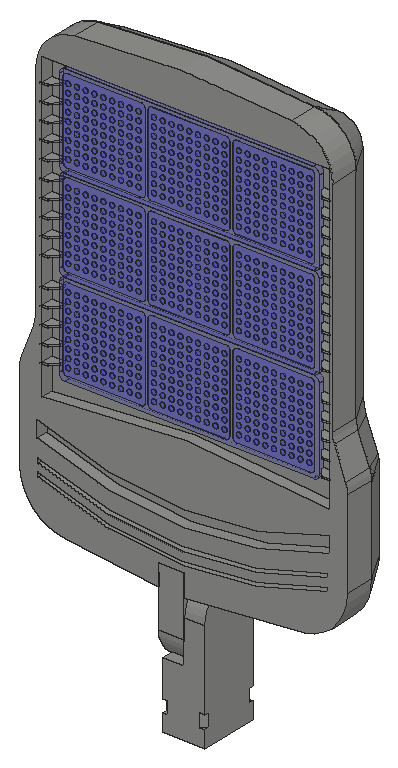
Revit family "VP-4-K", category Lighting Fixtures, host Face, Revit 2019
Family settings
  Host = Face
  Round Connector Dimension = Use Diameter
  Part Type = Normal
  OmniClass Number = 23.80.70.11.14.17
  OmniClass Title = Direct/Indirect
  Cut with Voids When Loaded = No
  Light Source = No
  Shared = Yes
  Room Calculation Point = No
Parameters (values of type "VP-4-K")
  Wattage Comments = "600W"
  Warranty = "Five year warranty"  # constant formula
  Voltage = 120 V
  URL = "https://www.currentlighting.com/beacon"
  Type Comments = "Lighting Fixture"  # constant formula
  Product Page URL = "https://www.currentlighting.com/outdoor-lighting/viper-area-size-4/9606406"
  Product Documentation Link = "https://cdn.currentlighting.com/site/specsheet/BEA_VIPERSPEC.pdf"
  Power Factor = 0.9
  Name = "Viper Area Size 4"  # constant formula
  Model = "VP-4-K"
  Matt Grey = MATT GREY
  Matt Black = Matt Black
  Manufacturer = "Current Lighting"  # constant formula
  Load Classification = Lighting
  Light Output = 87468.00 cd/m²
  Lamp = "LED"  # constant formula
  Grey = Grey
  Glass = Glass
  Features = "Featuring two different optical technologies, Micro Strike and Strike Optics, which provide the best distribution patterns for retrofit or new construction\r\nVibration rated for high vibration applications including bridges and overpasses\r\nControl options including photo control, occupancy sensing, NX Lighting Controls, wiSCAPE and 7-Pin with networked controls\r\nMounting options include: Arm, Universal Arm, Adjustable Arm, Mast Arm, Decorative Arm, Knuckle, Trunnion, Wall\r\nDistribution options include: Auto Front Row, Type 2, Type 3, Type 4 Forward, Type 4 Wide, Type 5 Narrow, Type 5 Medium, Type 5 Wide, Type 5 Rectangular, Corner Optic, and Tennis Court\r\n\r\n"  # constant formula
  Copyright = "© 2022 Current Lighting"  # constant formula
  Cool Grey = Cool Grey
  Contact Us = "https://www.currentlighting.com/contact-us"
  Certification = "UL"  # constant formula
  Description = "The Viper is an extremely versatile area/site luminaire which blends design, performance, and technology for a variety of applications."  # constant formula
  Default Elevation = 48.00"
  Finish = Arctic White
  Matt White = Matt White
  CRI = "70"  # constant formula
  Brand = "Beacon"  # constant formula
  Assembly Code = "D5020200"
  Apparent Load = 600 VA
Reference planes (in)
  plane 1 "Center (Front/Back)": y = 6.16697
  plane 2: z = 0
  plane 3 "Center (Left/Right)": x = 0
  plane 4: z = 3.75
  plane 5: z = -4.44
  plane 6: x = -1.75
  plane 7: x = 1.75
  plane 8: y = 4.41697
  plane 9: y = 7.91697
  plane 10: z = 120
Lines and regions (in)
  reference lines
    curve 1: line (0, 14.42606, -3.25) -> (0, 17.42606, -0.25)
    curve 2: line (0, -2.09213, -3.25) -> (0, 14.42606, -3.25)
    curve 3: line (0, -5.09213, -0.25) -> (0, -2.09213, -3.25)
    curve 4: line (0, 14.42606, -3.25) -> (0, 17.42606, -0.25)
    curve 5: line (0, -5.09213, -0.25) -> (0, 17.42606, -0.25)
    curve 6: line (0, 17.17606, -0.77432) -> (0, 17.92606, -0.77432)
    curve 7: line (0, 17.17606, -1.52432) -> (0, 17.17606, -0.77432)
    curve 8: line (0, 16.69614, -1.52432) -> (0, 17.17606, -1.52432)
    curve 9: line (0, 14.92606, -4.25) -> (0, 16.69614, -1.52432)
    curve 10: line (0, -4.3622, -1.52432) -> (0, -2.59213, -4.25)
    curve 11: line (0, -4.84213, -1.52432) -> (0, -4.3622, -1.52432)
    curve 12: line (0, -4.84213, -0.77432) -> (0, -4.84213, -1.52432)
    curve 13: line (0, -5.59213, -0.77432) -> (0, -4.84213, -0.77432)
Dimensions and locks (in)
  plane 4 to plane 2 = 3.75"
  plane 8 to plane 9 = 3.50"
  equal spacing: plane 8, plane 1 "Center (Front/Back)", plane 9
  equal spacing: plane 6, plane 3 "Center (Left/Right)", plane 7
  plane 6 to plane 7 = 3.50"
  plane 10 to plane 2 = 120.00"
  aligned and locked: plane 2 to host face
  aligned and locked: level to host face
  aligned and locked: plane 3 "Center (Left/Right)" to nested 1
  aligned and locked: plane 1 "Center (Front/Back)" to nested 1
Automatic sketch dimensions
  host sketch curve to host sketch curve = 96.00"
  host sketch curve to host sketch curve = 85.00"
  curve 3 to level = 0.25"
  plane 8 to curve 3 = 9.50909"
  curve 3 to curve 12 = 0.25"
  curve 11 to curve 11 = 0.47992"
  curve 2 to plane 5 = 1.19"
  curve 10 to curve 2 = 2.27008"
  curve 1 to plane 9 = 6.50909"
  curve 9 to level = 1.52432"
  curve 1 to curve 9 = 2.27008"
  curve 8 to curve 8 = 0.47992"
  curve 6 to curve 4 = 0.25"
  curve 10 to curve 3 = 1.27432"
  curve 7 to curve 1 = 0.52432"
  curve 12 to curve 3 = 0.52432"
  curve 13 to curve 3 = 0.50"
  curve 10 to plane 5 = 0.19"
  curve 10 to curve 2 = 0.50"
  curve 9 to plane 5 = 0.19"
  curve 1 to curve 9 = 0.50"
  curve 1 to curve 6 = 0.50"
Nested families (in)
  nested 1: "SIZE4-K" at (0, 6.16697, 0), type "SIZE4-K"
Connectors (in)
  electrical at (8.05953, 4.7895, 17.66953)
    settings: on nested 1, index 1, voltage 0 V, apparent load 0 VA, apparent load phase1 0 VA, apparent load phase2 0 VA, apparent load phase3 0 VA, power factor 1, load classification "Other", number of poles 1, system type 30, power factor state 1, is connector primary yes, connector utility no, sub classification motor no, connector description ""
Definition of nested family "SIZE4-K"
  Parameters (values of type "SIZE4-K")
    Width = 19.62"
    Wattage = 519.1 W
    built-in parameter 1150110 = 1 (stored number, unit not read)
    built-in parameter 1114217 = 1 (stored number, unit not read)
    Tilt Angle = 160.00°
    built-in parameter 1150109 = 1 (stored number, unit not read)
    built-in parameter 1150134 = 3
    built-in parameter 1150113 = 1 (stored number, unit not read)
    Photometric Web File = "VP-4-720L-515-5K7-4W-BC.ies"
    Mount Length = 7.50"
    built-in parameter 1150105 = 3180.8 (stored number, unit not read)
    Lumens = 39970.7 lm
    built-in parameter 1150115 = 1 (stored number, unit not read)
    built-in parameter 1150137 = (empty or 0)
    built-in parameter 1150139 = (empty or 0)
    Length = 27.98"
    built-in parameter 1150112 = 1 (stored number, unit not read)
    built-in parameter 1150114 = 1 (stored number, unit not read)
    built-in parameter 1150132 = (empty or 0)
    built-in parameter 1150102 = (empty or 0)
    built-in parameter 1150107 = 3200 (stored number, unit not read)
    built-in parameter 1150138 = (empty or 0)
    built-in parameter 1150106 = 31.808 (stored number, unit not read)
    Glass = none
    Fixture = none
    built-in parameter 1150104 = 7.1535 (stored number, unit not read)
    Dimming Lamp Color Temperature Shift = (empty or 0)
    Default Elevation = 48.00"
    Color Filter = 16777215
    built-in parameter 1114218 = 1 (stored number, unit not read)
    built-in parameter 1150133 = 10 (stored number, unit not read)
  Reference planes (in)
    plane 1 "Center (Front/Back)": y = 0
    plane 2: z = 0
    plane 3 "Center (Left/Right)": x = 0
    plane 4: x = 9.81
    plane 5: x = -9.81
    plane 6: z = 7.5
    plane 7: z = 35.48
    plane 8: y = -1.74
    plane 9: y = 1.74
  Forms (in)
    Extrusion 1, solid
      sketch origin (0, 0, 0) x (1, 0, 0) y (0, 1, 0)
        loop
          line (-48, 48) -> (-48, -48) -> (48, -48) -> (48, 48) -> (-48, 48)
      from 0 to -12
    Extrusion 2, void
      sketch origin (0, 0, 0) x (1, 0, 0) y (0, 0, 1)
        loop
          arc (-8.40608, 15.16005) -> (0.0771, 15.81374) -> (8.56, 15.15635) r 55.21553
          line (8.56, 15.15635) -> (8.56, 33.16182) -> (-8.40608, 33.16182) -> (-8.40608, 15.16005)
      from 1 to 1.75
    Extrusion 3, solid, material <- "Glass"
      sketch origin (0, 0, -0.5) x (1, 0, 0) y (0, 0, 1)
        loop
          arc (-7.30987, 33.16182) -> (-7.55736, 33.05931) -> (-7.65987, 32.81182) r 0.35
          line (-7.65987, 32.81182) -> (-7.65987, 28.01182)
          arc (-7.65987, 28.01182) -> (-7.55736, 27.76434) -> (-7.30987, 27.66182) r 0.35
          line (-7.30987, 27.66182) -> (7.30987, 27.66182)
          arc (7.30987, 27.66182) -> (7.55736, 27.76434) -> (7.65987, 28.01182) r 0.35
          line (7.65987, 28.01182) -> (7.65987, 32.81182)
          arc (7.65987, 32.81182) -> (7.55736, 33.05931) -> (7.30987, 33.16182) r 0.35
          line (7.30987, 33.16182) -> (-7.30987, 33.16182)
      from 1 to 1.35
    Extrusion 4, solid, material <- "Glass"
      sketch origin (0.375, 0, -0.375) x (1, 0, 0) y (0, 0, 1)
        loop
          circle (-7.47829, 32.33694) r 0.15
        loop
          circle (-6.95955, 32.33694) r 0.15
        loop
          circle (-6.4408, 32.33694) r 0.15
        loop
          circle (-5.92205, 32.33694) r 0.15
        loop
          circle (-5.4033, 32.33694) r 0.15
        loop
          circle (-4.88455, 32.33694) r 0.15
        loop
          circle (-4.3658, 32.33694) r 0.15
        loop
          circle (-3.84705, 32.33694) r 0.15
        loop
          circle (-3.32831, 32.33694) r 0.15
        loop
          circle (-7.47829, 31.83694) r 0.15
        loop
          circle (-6.95955, 31.83694) r 0.15
        loop
          circle (-6.4408, 31.83694) r 0.15
        loop
          circle (-5.92205, 31.83694) r 0.15
        loop
          circle (-5.4033, 31.83694) r 0.15
        loop
          circle (-4.88455, 31.83694) r 0.15
        loop
          circle (-4.3658, 31.83694) r 0.15
        loop
          circle (-3.84705, 31.83694) r 0.15
        loop
          circle (-3.32831, 31.83694) r 0.15
        loop
          circle (-7.47829, 31.33694) r 0.15
        loop
          circle (-6.95955, 31.33694) r 0.15
        loop
          circle (-6.4408, 31.33694) r 0.15
        loop
          circle (-5.92205, 31.33694) r 0.15
        loop
          circle (-5.4033, 31.33694) r 0.15
        loop
          circle (-4.88455, 31.33694) r 0.15
        loop
          circle (-4.3658, 31.33694) r 0.15
        loop
          circle (-3.84705, 31.33694) r 0.15
        loop
          circle (-3.32831, 31.33694) r 0.15
        loop
          circle (-7.47829, 30.83694) r 0.15
        loop
          circle (-6.95955, 30.83694) r 0.15
        loop
          circle (-6.4408, 30.83694) r 0.15
        loop
          circle (-5.92205, 30.83694) r 0.15
        loop
          circle (-5.4033, 30.83694) r 0.15
        loop
          circle (-4.88455, 30.83694) r 0.15
        loop
          circle (-4.3658, 30.83694) r 0.15
        loop
          circle (-3.84705, 30.83694) r 0.15
        loop
          circle (-3.32831, 30.83694) r 0.15
        loop
          circle (-7.47829, 30.33694) r 0.15
        loop
          circle (-6.95955, 30.33694) r 0.15
        loop
          circle (-6.4408, 30.33694) r 0.15
        loop
          circle (-5.92205, 30.33694) r 0.15
        loop
          circle (-5.4033, 30.33694) r 0.15
        loop
          circle (-4.88455, 30.33694) r 0.15
        loop
          circle (-4.3658, 30.33694) r 0.15
        loop
          circle (-3.84705, 30.33694) r 0.15
        loop
          circle (-3.32831, 30.33694) r 0.15
        loop
          circle (-7.47829, 29.83694) r 0.15
        loop
          circle (-6.95955, 29.83694) r 0.15
        loop
          circle (-6.4408, 29.83694) r 0.15
        loop
          circle (-5.92205, 29.83694) r 0.15
        loop
          circle (-5.4033, 29.83694) r 0.15
        loop
          circle (-4.88455, 29.83694) r 0.15
        loop
          circle (-4.3658, 29.83694) r 0.15
        loop
          circle (-3.84705, 29.83694) r 0.15
        loop
          circle (-3.32831, 29.83694) r 0.15
        loop
          circle (-7.47829, 29.33694) r 0.15
        loop
          circle (-6.95955, 29.33694) r 0.15
        loop
          circle (-6.4408, 29.33694) r 0.15
        loop
          circle (-5.92205, 29.33694) r 0.15
        loop
          circle (-5.4033, 29.33694) r 0.15
        loop
          circle (-4.88455, 29.33694) r 0.15
        loop
          circle (-4.3658, 29.33694) r 0.15
        loop
          circle (-3.84705, 29.33694) r 0.15
        loop
          circle (-3.32831, 29.33694) r 0.15
        loop
          circle (-7.47829, 28.83694) r 0.15
        loop
          circle (-6.95955, 28.83694) r 0.15
        loop
          circle (-6.4408, 28.83694) r 0.15
        loop
          circle (-5.92205, 28.83694) r 0.15
        loop
          circle (-5.4033, 28.83694) r 0.15
        loop
          circle (-4.88455, 28.83694) r 0.15
        loop
          circle (-4.3658, 28.83694) r 0.15
        loop
          circle (-3.84705, 28.83694) r 0.15
        loop
          circle (-3.32831, 28.83694) r 0.15
        loop
          circle (-7.47829, 28.33694) r 0.15
        loop
          circle (-6.95955, 28.33694) r 0.15
        loop
          circle (-6.4408, 28.33694) r 0.15
        loop
          circle (-5.92205, 28.33694) r 0.15
        loop
          circle (-5.4033, 28.33694) r 0.15
        loop
          circle (-4.88455, 28.33694) r 0.15
        loop
          circle (-4.3658, 28.33694) r 0.15
        loop
          circle (-3.84705, 28.33694) r 0.15
        loop
          circle (-3.32831, 28.33694) r 0.15
      from 1.35 to 1.4
    Extrusion 5, solid, material <- "Glass"
      sketch origin (0, 0, -0.375) x (1, 0, 0) y (0, 0, 1)
        loop
          arc (-7.16655, 32.8409) -> (-7.34333, 32.76768) -> (-7.41655, 32.5909) r 0.25
          line (-7.41655, 32.5909) -> (-7.41655, 28.0909)
          arc (-7.41655, 28.0909) -> (-7.34333, 27.91412) -> (-7.16655, 27.8409) r 0.25
          line (-7.16655, 27.8409) -> (-2.81123, 27.8409)
          arc (-2.81123, 27.8409) -> (-2.63446, 27.91412) -> (-2.56123, 28.0909) r 0.25
          line (-2.56123, 28.0909) -> (-2.56123, 32.5909)
          arc (-2.56123, 32.5909) -> (-2.63446, 32.76768) -> (-2.81123, 32.8409) r 0.25
          line (-2.81123, 32.8409) -> (-7.16655, 32.8409)
      from 1.35 to 1.37213
    Extrusion 6, solid, material <- "Fixture"
      sketch origin (0, 0, 12.875) x (1, 0, 0) y (0, 1, 0)
        loop
          line (7.68693, -1) -> (7.68693, -1.20146)
          arc (7.68693, -1.20146) -> (7.69367, -1.23973) -> (7.71311, -1.27339) r 0.1119
          line (7.71311, -1.27339) -> (8.07367, -1.70309)
          arc (8.07367, -1.70309) -> (8.10164, -1.72455) -> (8.13607, -1.73219) r 0.08147
          line (8.13607, -1.73219) -> (8.56, -1.73219) -> (8.56, -1) -> (7.68693, -1)
      from 18.55 to 18.65
    Extrusion 7, solid, material <- "Glass"
      sketch origin (-0.375, 0, -0.375) x (-1, 0, 0) y (0, 0, -1)
        loop
          circle (-7.47829, -32.33694) r 0.15
        loop
          circle (-6.95955, -32.33694) r 0.15
        loop
          circle (-6.4408, -32.33694) r 0.15
        loop
          circle (-5.92205, -32.33694) r 0.15
        loop
          circle (-5.4033, -32.33694) r 0.15
        loop
          circle (-4.88455, -32.33694) r 0.15
        loop
          circle (-4.3658, -32.33694) r 0.15
        loop
          circle (-3.84705, -32.33694) r 0.15
        loop
          circle (-3.32831, -32.33694) r 0.15
        loop
          circle (-7.47829, -31.83694) r 0.15
        loop
          circle (-6.95955, -31.83694) r 0.15
        loop
          circle (-6.4408, -31.83694) r 0.15
        loop
          circle (-5.92205, -31.83694) r 0.15
        loop
          circle (-5.4033, -31.83694) r 0.15
        loop
          circle (-4.88455, -31.83694) r 0.15
        loop
          circle (-4.3658, -31.83694) r 0.15
        loop
          circle (-3.84705, -31.83694) r 0.15
        loop
          circle (-3.32831, -31.83694) r 0.15
        loop
          circle (-7.47829, -31.33694) r 0.15
        loop
          circle (-6.95955, -31.33694) r 0.15
        loop
          circle (-6.4408, -31.33694) r 0.15
        loop
          circle (-5.92205, -31.33694) r 0.15
        loop
          circle (-5.4033, -31.33694) r 0.15
        loop
          circle (-4.88455, -31.33694) r 0.15
        loop
          circle (-4.3658, -31.33694) r 0.15
        loop
          circle (-3.84705, -31.33694) r 0.15
        loop
          circle (-3.32831, -31.33694) r 0.15
        loop
          circle (-7.47829, -30.83694) r 0.15
        loop
          circle (-6.95955, -30.83694) r 0.15
        loop
          circle (-6.4408, -30.83694) r 0.15
        loop
          circle (-5.92205, -30.83694) r 0.15
        loop
          circle (-5.4033, -30.83694) r 0.15
        loop
          circle (-4.88455, -30.83694) r 0.15
        loop
          circle (-4.3658, -30.83694) r 0.15
        loop
          circle (-3.84705, -30.83694) r 0.15
        loop
          circle (-3.32831, -30.83694) r 0.15
        loop
          circle (-7.47829, -30.33694) r 0.15
        loop
          circle (-6.95955, -30.33694) r 0.15
        loop
          circle (-6.4408, -30.33694) r 0.15
        loop
          circle (-5.92205, -30.33694) r 0.15
        loop
          circle (-5.4033, -30.33694) r 0.15
        loop
          circle (-4.88455, -30.33694) r 0.15
        loop
          circle (-4.3658, -30.33694) r 0.15
        loop
          circle (-3.84705, -30.33694) r 0.15
        loop
          circle (-3.32831, -30.33694) r 0.15
        loop
          circle (-7.47829, -29.83694) r 0.15
        loop
          circle (-6.95955, -29.83694) r 0.15
        loop
          circle (-6.4408, -29.83694) r 0.15
        loop
          circle (-5.92205, -29.83694) r 0.15
        loop
          circle (-5.4033, -29.83694) r 0.15
        loop
          circle (-4.88455, -29.83694) r 0.15
        loop
          circle (-4.3658, -29.83694) r 0.15
        loop
          circle (-3.84705, -29.83694) r 0.15
        loop
          circle (-3.32831, -29.83694) r 0.15
        loop
          circle (-7.47829, -29.33694) r 0.15
        loop
          circle (-6.95955, -29.33694) r 0.15
        loop
          circle (-6.4408, -29.33694) r 0.15
        loop
          circle (-5.92205, -29.33694) r 0.15
        loop
          circle (-5.4033, -29.33694) r 0.15
        loop
          circle (-4.88455, -29.33694) r 0.15
        loop
          circle (-4.3658, -29.33694) r 0.15
        loop
          circle (-3.84705, -29.33694) r 0.15
        loop
          circle (-3.32831, -29.33694) r 0.15
        loop
          circle (-7.47829, -28.83694) r 0.15
        loop
          circle (-6.95955, -28.83694) r 0.15
        loop
          circle (-6.4408, -28.83694) r 0.15
        loop
          circle (-5.92205, -28.83694) r 0.15
        loop
          circle (-5.4033, -28.83694) r 0.15
        loop
          circle (-4.88455, -28.83694) r 0.15
        loop
          circle (-4.3658, -28.83694) r 0.15
        loop
          circle (-3.84705, -28.83694) r 0.15
        loop
          circle (-3.32831, -28.83694) r 0.15
        loop
          circle (-7.47829, -28.33694) r 0.15
        loop
          circle (-6.95955, -28.33694) r 0.15
        loop
          circle (-6.4408, -28.33694) r 0.15
        loop
          circle (-5.92205, -28.33694) r 0.15
        loop
          circle (-5.4033, -28.33694) r 0.15
        loop
          circle (-4.88455, -28.33694) r 0.15
        loop
          circle (-4.3658, -28.33694) r 0.15
        loop
          circle (-3.84705, -28.33694) r 0.15
        loop
          circle (-3.32831, -28.33694) r 0.15
      from 1.35 to 1.4
    Extrusion 8, solid, material <- "Glass"
      sketch origin (0, 0, -0.375) x (-1, 0, 0) y (0, 0, -1)
        loop
          line (-7.16655, -32.8409) -> (-2.84181, -32.8409)
          arc (-2.84181, -32.8409) -> (-2.66504, -32.76768) -> (-2.59181, -32.5909) r 0.25
          line (-2.59181, -32.5909) -> (-2.59181, -28.0909)
          arc (-2.59181, -28.0909) -> (-2.66504, -27.91412) -> (-2.84181, -27.8409) r 0.25
          line (-2.84181, -27.8409) -> (-7.16655, -27.8409)
          arc (-7.16655, -27.8409) -> (-7.34333, -27.91412) -> (-7.41655, -28.0909) r 0.25
          line (-7.41655, -28.0909) -> (-7.41655, -32.5909)
          arc (-7.41655, -32.5909) -> (-7.34333, -32.76768) -> (-7.16655, -32.8409) r 0.25
      from 1.35 to 1.37213
    Extrusion 9, solid, material <- "Glass"
      sketch origin (0, 0, -5.75) x (1, 0, 0) y (0, 0, 1)
        loop
          arc (-7.30987, 32.91182) -> (-7.55736, 32.80931) -> (-7.65987, 32.56182) r 0.35
          line (-7.65987, 32.56182) -> (-7.65987, 27.76182)
          arc (-7.65987, 27.76182) -> (-7.55736, 27.51434) -> (-7.30987, 27.41182) r 0.35
          line (-7.30987, 27.41182) -> (7.30987, 27.41182)
          arc (7.30987, 27.41182) -> (7.55736, 27.51434) -> (7.65987, 27.76182) r 0.35
          line (7.65987, 27.76182) -> (7.65987, 32.56182)
          arc (7.65987, 32.56182) -> (7.55736, 32.80931) -> (7.30987, 32.91182) r 0.35
          line (7.30987, 32.91182) -> (-7.30987, 32.91182)
      from 1 to 1.35
    Extrusion 10, solid, material <- "Glass"
      sketch origin (0, 0, 47.30365) x (1, 0, 0) y (0, 0, 1)
        loop
          line (-7.30987, -31.14182) -> (7.30987, -31.14182)
          arc (7.30987, -31.14182) -> (7.55736, -31.03931) -> (7.65987, -30.79182) r 0.35
          line (7.65987, -30.79182) -> (7.65987, -25.99182)
          arc (7.65987, -25.99182) -> (7.55736, -25.74434) -> (7.30987, -25.64182) r 0.35
          line (7.30987, -25.64182) -> (-7.30987, -25.64182)
          arc (-7.30987, -25.64182) -> (-7.55736, -25.74434) -> (-7.65987, -25.99182) r 0.35
          line (-7.65987, -25.99182) -> (-7.65987, -30.79182)
          arc (-7.65987, -30.79182) -> (-7.55736, -31.03931) -> (-7.30987, -31.14182) r 0.35
      from 1 to 1.35
    Extrusion 11, solid, material <- "Fixture"
      sketch origin (0, 0, 11.87318) x (1, 0, 0) y (0, 1, 0)
        loop
          line (7.68693, -1) -> (7.68693, -1.20146)
          arc (7.68693, -1.20146) -> (7.69367, -1.23973) -> (7.71311, -1.27339) r 0.1119
          line (7.71311, -1.27339) -> (8.07367, -1.70309)
          arc (8.07367, -1.70309) -> (8.10164, -1.72455) -> (8.13607, -1.73219) r 0.08147
          line (8.13607, -1.73219) -> (8.56, -1.73219) -> (8.56, -1) -> (7.68693, -1)
      from 18.55 to 18.65
    Extrusion 12, solid, material <- "Fixture"
      sketch origin (0, 0, 10.87135) x (1, 0, 0) y (0, 1, 0)
        loop
          line (7.68693, -1) -> (7.68693, -1.20146)
          arc (7.68693, -1.20146) -> (7.69367, -1.23973) -> (7.71311, -1.27339) r 0.1119
          line (7.71311, -1.27339) -> (8.07367, -1.70309)
          arc (8.07367, -1.70309) -> (8.10164, -1.72455) -> (8.13607, -1.73219) r 0.08147
          line (8.13607, -1.73219) -> (8.56, -1.73219) -> (8.56, -1) -> (7.68693, -1)
      from 18.55 to 18.65
    Extrusion 13, solid, material <- "Fixture"
      sketch origin (0, 0, 9.86953) x (1, 0, 0) y (0, 1, 0)
        loop
          line (7.68693, -1) -> (7.68693, -1.20146)
          arc (7.68693, -1.20146) -> (7.69367, -1.23973) -> (7.71311, -1.27339) r 0.1119
          line (7.71311, -1.27339) -> (8.07367, -1.70309)
          arc (8.07367, -1.70309) -> (8.10164, -1.72455) -> (8.13607, -1.73219) r 0.08147
          line (8.13607, -1.73219) -> (8.56, -1.73219) -> (8.56, -1) -> (7.68693, -1)
      from 18.55 to 18.65
    Extrusion 14, solid, material <- "Fixture"
      sketch origin (0, 0, 8.86953) x (1, 0, 0) y (0, 1, 0)
        loop
          line (7.68693, -1) -> (7.68693, -1.20146)
          arc (7.68693, -1.20146) -> (7.69367, -1.23973) -> (7.71311, -1.27339) r 0.1119
          line (7.71311, -1.27339) -> (8.07367, -1.70309)
          arc (8.07367, -1.70309) -> (8.10164, -1.72455) -> (8.13607, -1.73219) r 0.08147
          line (8.13607, -1.73219) -> (8.56, -1.73219) -> (8.56, -1) -> (7.68693, -1)
      from 18.55 to 18.65
    Extrusion 15, solid, material <- "Fixture"
      sketch origin (0, 0, 7.8125) x (1, 0, 0) y (0, 1, 0)
        loop
          line (7.68693, -1) -> (7.68693, -1.20146)
          arc (7.68693, -1.20146) -> (7.69367, -1.23973) -> (7.71311, -1.27339) r 0.1119
          line (7.71311, -1.27339) -> (8.07367, -1.70309)
          arc (8.07367, -1.70309) -> (8.10164, -1.72455) -> (8.13607, -1.73219) r 0.08147
          line (8.13607, -1.73219) -> (8.56, -1.73219) -> (8.56, -1) -> (7.68693, -1)
      from 18.55 to 18.65
    Extrusion 16, solid, material <- "Fixture"
      sketch origin (0, 0, 6.81068) x (1, 0, 0) y (0, 1, 0)
        loop
          line (7.68693, -1) -> (7.68693, -1.20146)
          arc (7.68693, -1.20146) -> (7.69367, -1.23973) -> (7.71311, -1.27339) r 0.1119
          line (7.71311, -1.27339) -> (8.07367, -1.70309)
          arc (8.07367, -1.70309) -> (8.10164, -1.72455) -> (8.13607, -1.73219) r 0.08147
          line (8.13607, -1.73219) -> (8.56, -1.73219) -> (8.56, -1) -> (7.68693, -1)
      from 18.55 to 18.65
    Extrusion 17, solid, material <- "Fixture"
      sketch origin (0, 0, 5.80885) x (1, 0, 0) y (0, 1, 0)
        loop
          line (7.68693, -1) -> (7.68693, -1.20146)
          arc (7.68693, -1.20146) -> (7.69367, -1.23973) -> (7.71311, -1.27339) r 0.1119
          line (7.71311, -1.27339) -> (8.07367, -1.70309)
          arc (8.07367, -1.70309) -> (8.10164, -1.72455) -> (8.13607, -1.73219) r 0.08147
          line (8.13607, -1.73219) -> (8.56, -1.73219) -> (8.56, -1) -> (7.68693, -1)
      from 18.55 to 18.65
    Extrusion 18, solid, material <- "Fixture"
      sketch origin (0, 0, 4.80703) x (1, 0, 0) y (0, 1, 0)
        loop
          line (7.68693, -1) -> (7.68693, -1.20146)
          arc (7.68693, -1.20146) -> (7.69367, -1.23973) -> (7.71311, -1.27339) r 0.1119
          line (7.71311, -1.27339) -> (8.07367, -1.70309)
          arc (8.07367, -1.70309) -> (8.10164, -1.72455) -> (8.13607, -1.73219) r 0.08147
          line (8.13607, -1.73219) -> (8.56, -1.73219) -> (8.56, -1) -> (7.68693, -1)
      from 18.55 to 18.65
    Extrusion 19, solid, material <- "Fixture"
      sketch origin (0, 0, 3.80703) x (1, 0, 0) y (0, 1, 0)
        loop
          line (7.68693, -1) -> (7.68693, -1.20146)
          arc (7.68693, -1.20146) -> (7.69367, -1.23973) -> (7.71311, -1.27339) r 0.1119
          line (7.71311, -1.27339) -> (8.07367, -1.70309)
          arc (8.07367, -1.70309) -> (8.10164, -1.72455) -> (8.13607, -1.73219) r 0.08147
          line (8.13607, -1.73219) -> (8.56, -1.73219) -> (8.56, -1) -> (7.68693, -1)
      from 18.55 to 18.65
    Extrusion 20, solid, material <- "Fixture"
      sketch origin (0, 0, 2.125) x (1, 0, 0) y (0, 1, 0)
        loop
          line (7.68693, -1) -> (7.68693, -1.20146)
          arc (7.68693, -1.20146) -> (7.69367, -1.23973) -> (7.71311, -1.27339) r 0.1119
          line (7.71311, -1.27339) -> (8.07367, -1.70309)
          arc (8.07367, -1.70309) -> (8.10164, -1.72455) -> (8.13607, -1.73219) r 0.08147
          line (8.13607, -1.73219) -> (8.56, -1.73219) -> (8.56, -1) -> (7.68693, -1)
      from 18.55 to 18.65
    Extrusion 21, solid, material <- "Fixture"
      sketch origin (0, 0, 1.12318) x (1, 0, 0) y (0, 1, 0)
        loop
          line (7.68693, -1) -> (7.68693, -1.20146)
          arc (7.68693, -1.20146) -> (7.69367, -1.23973) -> (7.71311, -1.27339) r 0.1119
          line (7.71311, -1.27339) -> (8.07367, -1.70309)
          arc (8.07367, -1.70309) -> (8.10164, -1.72455) -> (8.13607, -1.73219) r 0.08147
          line (8.13607, -1.73219) -> (8.56, -1.73219) -> (8.56, -1) -> (7.68693, -1)
      from 18.55 to 18.65
    Extrusion 22, solid, material <- "Fixture"
      sketch origin (0, 0, 0.12135) x (1, 0, 0) y (0, 1, 0)
        loop
          line (7.68693, -1) -> (7.68693, -1.20146)
          arc (7.68693, -1.20146) -> (7.69367, -1.23973) -> (7.71311, -1.27339) r 0.1119
          line (7.71311, -1.27339) -> (8.07367, -1.70309)
          arc (8.07367, -1.70309) -> (8.10164, -1.72455) -> (8.13607, -1.73219) r 0.08147
          line (8.13607, -1.73219) -> (8.56, -1.73219) -> (8.56, -1) -> (7.68693, -1)
      from 18.55 to 18.65
    Extrusion 23, solid, material <- "Fixture"
      sketch origin (0, 0, -0.88047) x (1, 0, 0) y (0, 1, 0)
        loop
          line (7.68693, -1) -> (7.68693, -1.20146)
          arc (7.68693, -1.20146) -> (7.69367, -1.23973) -> (7.71311, -1.27339) r 0.1119
          line (7.71311, -1.27339) -> (8.07367, -1.70309)
          arc (8.07367, -1.70309) -> (8.10164, -1.72455) -> (8.13607, -1.73219) r 0.08147
          line (8.13607, -1.73219) -> (8.56, -1.73219) -> (8.56, -1) -> (7.68693, -1)
      from 18.55 to 18.65
    Extrusion 24, solid, material <- "Fixture"
      sketch origin (0, 0, -1.88047) x (1, 0, 0) y (0, 1, 0)
        loop
          line (7.68693, -1) -> (7.68693, -1.20146)
          arc (7.68693, -1.20146) -> (7.69367, -1.23973) -> (7.71311, -1.27339) r 0.1119
          line (7.71311, -1.27339) -> (8.07367, -1.70309)
          arc (8.07367, -1.70309) -> (8.10164, -1.72455) -> (8.13607, -1.73219) r 0.08147
          line (8.13607, -1.73219) -> (8.56, -1.73219) -> (8.56, -1) -> (7.68693, -1)
      from 18.55 to 18.65
    Extrusion 25, solid, material <- "Fixture"
      sketch origin (0.07812, 0, 13.125) x (-1, 0, 0) y (0, -1, 0)
        loop
          line (7.68693, 1) -> (8.56, 1) -> (8.56, 1.73219) -> (8.13607, 1.73219)
          arc (8.13607, 1.73219) -> (8.10164, 1.72455) -> (8.07367, 1.70309) r 0.08147
          line (8.07367, 1.70309) -> (7.71311, 1.27339)
          arc (7.71311, 1.27339) -> (7.69367, 1.23973) -> (7.68693, 1.20146) r 0.1119
          line (7.68693, 1.20146) -> (7.68693, 1)
      from 18.55 to 18.65
    Extrusion 26, solid, material <- "Fixture"
      sketch origin (0.07812, 0, 12.12318) x (-1, 0, 0) y (0, -1, 0)
        loop
          line (7.68693, 1) -> (8.56, 1) -> (8.56, 1.73219) -> (8.13607, 1.73219)
          arc (8.13607, 1.73219) -> (8.10164, 1.72455) -> (8.07367, 1.70309) r 0.08147
          line (8.07367, 1.70309) -> (7.71311, 1.27339)
          arc (7.71311, 1.27339) -> (7.69367, 1.23973) -> (7.68693, 1.20146) r 0.1119
          line (7.68693, 1.20146) -> (7.68693, 1)
      from 18.55 to 18.65
    Extrusion 27, solid, material <- "Fixture"
      sketch origin (0.07812, 0, 11.12135) x (-1, 0, 0) y (0, -1, 0)
        loop
          line (7.68693, 1) -> (8.56, 1) -> (8.56, 1.73219) -> (8.13607, 1.73219)
          arc (8.13607, 1.73219) -> (8.10164, 1.72455) -> (8.07367, 1.70309) r 0.08147
          line (8.07367, 1.70309) -> (7.71311, 1.27339)
          arc (7.71311, 1.27339) -> (7.69367, 1.23973) -> (7.68693, 1.20146) r 0.1119
          line (7.68693, 1.20146) -> (7.68693, 1)
      from 18.55 to 18.65
    Extrusion 28, solid, material <- "Fixture"
      sketch origin (0.07812, 0, 10.11953) x (-1, 0, 0) y (0, -1, 0)
        loop
          line (7.68693, 1) -> (8.56, 1) -> (8.56, 1.73219) -> (8.13607, 1.73219)
          arc (8.13607, 1.73219) -> (8.10164, 1.72455) -> (8.07367, 1.70309) r 0.08147
          line (8.07367, 1.70309) -> (7.71311, 1.27339)
          arc (7.71311, 1.27339) -> (7.69367, 1.23973) -> (7.68693, 1.20146) r 0.1119
          line (7.68693, 1.20146) -> (7.68693, 1)
      from 18.55 to 18.65
    Extrusion 29, solid, material <- "Fixture"
      sketch origin (0.07812, 0, 9.11953) x (-1, 0, 0) y (0, -1, 0)
        loop
          line (7.68693, 1) -> (8.56, 1) -> (8.56, 1.73219) -> (8.13607, 1.73219)
          arc (8.13607, 1.73219) -> (8.10164, 1.72455) -> (8.07367, 1.70309) r 0.08147
          line (8.07367, 1.70309) -> (7.71311, 1.27339)
          arc (7.71311, 1.27339) -> (7.69367, 1.23973) -> (7.68693, 1.20146) r 0.1119
          line (7.68693, 1.20146) -> (7.68693, 1)
      from 18.55 to 18.65
    Extrusion 30, solid, material <- "Fixture"
      sketch origin (0.07812, 0, 8.0625) x (-1, 0, 0) y (0, -1, 0)
        loop
          line (7.68693, 1) -> (8.56, 1) -> (8.56, 1.73219) -> (8.13607, 1.73219)
          arc (8.13607, 1.73219) -> (8.10164, 1.72455) -> (8.07367, 1.70309) r 0.08147
          line (8.07367, 1.70309) -> (7.71311, 1.27339)
          arc (7.71311, 1.27339) -> (7.69367, 1.23973) -> (7.68693, 1.20146) r 0.1119
          line (7.68693, 1.20146) -> (7.68693, 1)
      from 18.55 to 18.65
    Extrusion 31, solid, material <- "Fixture"
      sketch origin (0.07812, 0, 7.06068) x (-1, 0, 0) y (0, -1, 0)
        loop
          line (7.68693, 1) -> (8.56, 1) -> (8.56, 1.73219) -> (8.13607, 1.73219)
          arc (8.13607, 1.73219) -> (8.10164, 1.72455) -> (8.07367, 1.70309) r 0.08147
          line (8.07367, 1.70309) -> (7.71311, 1.27339)
          arc (7.71311, 1.27339) -> (7.69367, 1.23973) -> (7.68693, 1.20146) r 0.1119
          line (7.68693, 1.20146) -> (7.68693, 1)
      from 18.55 to 18.65
    Extrusion 32, solid, material <- "Fixture"
      sketch origin (0.07812, 0, 6.05885) x (-1, 0, 0) y (0, -1, 0)
        loop
          line (7.68693, 1) -> (8.56, 1) -> (8.56, 1.73219) -> (8.13607, 1.73219)
          arc (8.13607, 1.73219) -> (8.10164, 1.72455) -> (8.07367, 1.70309) r 0.08147
          line (8.07367, 1.70309) -> (7.71311, 1.27339)
          arc (7.71311, 1.27339) -> (7.69367, 1.23973) -> (7.68693, 1.20146) r 0.1119
          line (7.68693, 1.20146) -> (7.68693, 1)
      from 18.55 to 18.65
    Extrusion 33, solid, material <- "Fixture"
      sketch origin (0.07812, 0, 5.05703) x (-1, 0, 0) y (0, -1, 0)
        loop
          line (7.68693, 1) -> (8.56, 1) -> (8.56, 1.73219) -> (8.13607, 1.73219)
          arc (8.13607, 1.73219) -> (8.10164, 1.72455) -> (8.07367, 1.70309) r 0.08147
          line (8.07367, 1.70309) -> (7.71311, 1.27339)
          arc (7.71311, 1.27339) -> (7.69367, 1.23973) -> (7.68693, 1.20146) r 0.1119
          line (7.68693, 1.20146) -> (7.68693, 1)
      from 18.55 to 18.65
    Extrusion 34, solid, material <- "Fixture"
      sketch origin (0.07812, 0, 4.05703) x (-1, 0, 0) y (0, -1, 0)
        loop
          line (7.68693, 1) -> (8.56, 1) -> (8.56, 1.73219) -> (8.13607, 1.73219)
          arc (8.13607, 1.73219) -> (8.10164, 1.72455) -> (8.07367, 1.70309) r 0.08147
          line (8.07367, 1.70309) -> (7.71311, 1.27339)
          arc (7.71311, 1.27339) -> (7.69367, 1.23973) -> (7.68693, 1.20146) r 0.1119
          line (7.68693, 1.20146) -> (7.68693, 1)
      from 18.55 to 18.65
    Extrusion 35, solid, material <- "Fixture"
      sketch origin (0.07812, 0, 2.375) x (-1, 0, 0) y (0, -1, 0)
        loop
          line (7.68693, 1) -> (8.56, 1) -> (8.56, 1.73219) -> (8.13607, 1.73219)
          arc (8.13607, 1.73219) -> (8.10164, 1.72455) -> (8.07367, 1.70309) r 0.08147
          line (8.07367, 1.70309) -> (7.71311, 1.27339)
          arc (7.71311, 1.27339) -> (7.69367, 1.23973) -> (7.68693, 1.20146) r 0.1119
          line (7.68693, 1.20146) -> (7.68693, 1)
      from 18.55 to 18.65
    Extrusion 36, solid, material <- "Fixture"
      sketch origin (0.07812, 0, 1.37318) x (-1, 0, 0) y (0, -1, 0)
        loop
          line (7.68693, 1) -> (8.56, 1) -> (8.56, 1.73219) -> (8.13607, 1.73219)
          arc (8.13607, 1.73219) -> (8.10164, 1.72455) -> (8.07367, 1.70309) r 0.08147
          line (8.07367, 1.70309) -> (7.71311, 1.27339)
          arc (7.71311, 1.27339) -> (7.69367, 1.23973) -> (7.68693, 1.20146) r 0.1119
          line (7.68693, 1.20146) -> (7.68693, 1)
      from 18.55 to 18.65
    Extrusion 37, solid, material <- "Fixture"
      sketch origin (0.07812, 0, 0.37135) x (-1, 0, 0) y (0, -1, 0)
        loop
          line (7.68693, 1) -> (8.56, 1) -> (8.56, 1.73219) -> (8.13607, 1.73219)
          arc (8.13607, 1.73219) -> (8.10164, 1.72455) -> (8.07367, 1.70309) r 0.08147
          line (8.07367, 1.70309) -> (7.71311, 1.27339)
          arc (7.71311, 1.27339) -> (7.69367, 1.23973) -> (7.68693, 1.20146) r 0.1119
          line (7.68693, 1.20146) -> (7.68693, 1)
      from 18.55 to 18.65
    Extrusion 38, solid, material <- "Fixture"
      sketch origin (0.07812, 0, -0.63047) x (-1, 0, 0) y (0, -1, 0)
        loop
          line (7.68693, 1) -> (8.56, 1) -> (8.56, 1.73219) -> (8.13607, 1.73219)
          arc (8.13607, 1.73219) -> (8.10164, 1.72455) -> (8.07367, 1.70309) r 0.08147
          line (8.07367, 1.70309) -> (7.71311, 1.27339)
          arc (7.71311, 1.27339) -> (7.69367, 1.23973) -> (7.68693, 1.20146) r 0.1119
          line (7.68693, 1.20146) -> (7.68693, 1)
      from 18.55 to 18.65
    Extrusion 39, solid, material <- "Fixture"
      sketch origin (0.07812, 0, -1.63047) x (-1, 0, 0) y (0, -1, 0)
        loop
          line (7.68693, 1) -> (8.56, 1) -> (8.56, 1.73219) -> (8.13607, 1.73219)
          arc (8.13607, 1.73219) -> (8.10164, 1.72455) -> (8.07367, 1.70309) r 0.08147
          line (8.07367, 1.70309) -> (7.71311, 1.27339)
          arc (7.71311, 1.27339) -> (7.69367, 1.23973) -> (7.68693, 1.20146) r 0.1119
          line (7.68693, 1.20146) -> (7.68693, 1)
      from 18.55 to 18.65
    Extrusion 40, void
      sketch origin (0, 0, 3.625) x (1, 0, 0) y (0, 0, 1)
        loop
          line (-8.70207, 10.26622) -> (-8.70207, 9.26622)
          arc (-8.70207, 9.26622) -> (-0.07103, 7.54738) -> (8.57, 9.21524) r 22.86863
          line (8.57, 9.21524) -> (8.57, 10.21524)
          arc (8.57, 10.21524) -> (-0.07103, 8.54738) -> (-8.70207, 10.26622) r 22.86863
        loop
          line (-8.61035, 8.24972) -> (-8.61035, 7.97854)
          arc (-8.61035, 7.97854) -> (-0.06712, 6.29523) -> (8.48535, 7.93095) r 22.84399
          line (8.48535, 7.93095) -> (8.48535, 8.20243)
          arc (8.48535, 8.20243) -> (-0.06706, 6.57598) -> (-8.61035, 8.24972) r 22.96502
        loop
          line (-8.61035, 7.49972) -> (-8.61035, 7.22854)
          arc (-8.61035, 7.22854) -> (-0.06712, 5.54523) -> (8.48535, 7.18095) r 22.84399
          line (8.48535, 7.18095) -> (8.48535, 7.45243)
          arc (8.48535, 7.45243) -> (-0.06706, 5.82598) -> (-8.61035, 7.49972) r 22.96502
      from 1 to 1.75
    Extrusion 41, solid, material <- "Glass"
      sketch origin (-5.375, 0, -0.375) x (-1, 0, 0) y (0, 0, -1)
        loop
          circle (-7.47829, -32.33694) r 0.15
        loop
          circle (-6.95955, -32.33694) r 0.15
        loop
          circle (-6.4408, -32.33694) r 0.15
        loop
          circle (-5.92205, -32.33694) r 0.15
        loop
          circle (-5.4033, -32.33694) r 0.15
        loop
          circle (-4.88455, -32.33694) r 0.15
        loop
          circle (-4.3658, -32.33694) r 0.15
        loop
          circle (-3.84705, -32.33694) r 0.15
        loop
          circle (-3.32831, -32.33694) r 0.15
        loop
          circle (-7.47829, -31.83694) r 0.15
        loop
          circle (-6.95955, -31.83694) r 0.15
        loop
          circle (-6.4408, -31.83694) r 0.15
        loop
          circle (-5.92205, -31.83694) r 0.15
        loop
          circle (-5.4033, -31.83694) r 0.15
        loop
          circle (-4.88455, -31.83694) r 0.15
        loop
          circle (-4.3658, -31.83694) r 0.15
        loop
          circle (-3.84705, -31.83694) r 0.15
        loop
          circle (-3.32831, -31.83694) r 0.15
        loop
          circle (-7.47829, -31.33694) r 0.15
        loop
          circle (-6.95955, -31.33694) r 0.15
        loop
          circle (-6.4408, -31.33694) r 0.15
        loop
          circle (-5.92205, -31.33694) r 0.15
        loop
          circle (-5.4033, -31.33694) r 0.15
        loop
          circle (-4.88455, -31.33694) r 0.15
        loop
          circle (-4.3658, -31.33694) r 0.15
        loop
          circle (-3.84705, -31.33694) r 0.15
        loop
          circle (-3.32831, -31.33694) r 0.15
        loop
          circle (-7.47829, -30.83694) r 0.15
        loop
          circle (-6.95955, -30.83694) r 0.15
        loop
          circle (-6.4408, -30.83694) r 0.15
        loop
          circle (-5.92205, -30.83694) r 0.15
        loop
          circle (-5.4033, -30.83694) r 0.15
        loop
          circle (-4.88455, -30.83694) r 0.15
        loop
          circle (-4.3658, -30.83694) r 0.15
        loop
          circle (-3.84705, -30.83694) r 0.15
        loop
          circle (-3.32831, -30.83694) r 0.15
        loop
          circle (-7.47829, -30.33694) r 0.15
        loop
          circle (-6.95955, -30.33694) r 0.15
        loop
          circle (-6.4408, -30.33694) r 0.15
        loop
          circle (-5.92205, -30.33694) r 0.15
        loop
          circle (-5.4033, -30.33694) r 0.15
        loop
          circle (-4.88455, -30.33694) r 0.15
        loop
          circle (-4.3658, -30.33694) r 0.15
        loop
          circle (-3.84705, -30.33694) r 0.15
        loop
          circle (-3.32831, -30.33694) r 0.15
        loop
          circle (-7.47829, -29.83694) r 0.15
        loop
          circle (-6.95955, -29.83694) r 0.15
        loop
          circle (-6.4408, -29.83694) r 0.15
        loop
          circle (-5.92205, -29.83694) r 0.15
        loop
          circle (-5.4033, -29.83694) r 0.15
        loop
          circle (-4.88455, -29.83694) r 0.15
        loop
          circle (-4.3658, -29.83694) r 0.15
        loop
          circle (-3.84705, -29.83694) r 0.15
        loop
          circle (-3.32831, -29.83694) r 0.15
        loop
          circle (-7.47829, -29.33694) r 0.15
        loop
          circle (-6.95955, -29.33694) r 0.15
        loop
          circle (-6.4408, -29.33694) r 0.15
        loop
          circle (-5.92205, -29.33694) r 0.15
        loop
          circle (-5.4033, -29.33694) r 0.15
        loop
          circle (-4.88455, -29.33694) r 0.15
        loop
          circle (-4.3658, -29.33694) r 0.15
        loop
          circle (-3.84705, -29.33694) r 0.15
        loop
          circle (-3.32831, -29.33694) r 0.15
        loop
          circle (-7.47829, -28.83694) r 0.15
        loop
          circle (-6.95955, -28.83694) r 0.15
        loop
          circle (-6.4408, -28.83694) r 0.15
        loop
          circle (-5.92205, -28.83694) r 0.15
        loop
          circle (-5.4033, -28.83694) r 0.15
        loop
          circle (-4.88455, -28.83694) r 0.15
        loop
          circle (-4.3658, -28.83694) r 0.15
        loop
          circle (-3.84705, -28.83694) r 0.15
        loop
          circle (-3.32831, -28.83694) r 0.15
        loop
          circle (-7.47829, -28.33694) r 0.15
        loop
          circle (-6.95955, -28.33694) r 0.15
        loop
          circle (-6.4408, -28.33694) r 0.15
        loop
          circle (-5.92205, -28.33694) r 0.15
        loop
          circle (-5.4033, -28.33694) r 0.15
        loop
          circle (-4.88455, -28.33694) r 0.15
        loop
          circle (-4.3658, -28.33694) r 0.15
        loop
          circle (-3.84705, -28.33694) r 0.15
        loop
          circle (-3.32831, -28.33694) r 0.15
      from 1.35 to 1.4
    Extrusion 42, solid, material <- "Glass"
      sketch origin (-5, 0, -0.375) x (-1, 0, 0) y (0, 0, -1)
        loop
          line (-7.16655, -32.8409) -> (-2.84181, -32.8409)
          arc (-2.84181, -32.8409) -> (-2.66504, -32.76768) -> (-2.59181, -32.5909) r 0.25
          line (-2.59181, -32.5909) -> (-2.59181, -28.0909)
          arc (-2.59181, -28.0909) -> (-2.66504, -27.91412) -> (-2.84181, -27.8409) r 0.25
          line (-2.84181, -27.8409) -> (-7.16655, -27.8409)
          arc (-7.16655, -27.8409) -> (-7.34333, -27.91412) -> (-7.41655, -28.0909) r 0.25
          line (-7.41655, -28.0909) -> (-7.41655, -32.5909)
          arc (-7.41655, -32.5909) -> (-7.34333, -32.76768) -> (-7.16655, -32.8409) r 0.25
      from 1.35 to 1.37213
    Extrusion 43, solid, material <- "Glass"
      sketch origin (0.375, 0, -5.875) x (1, 0, 0) y (0, 0, 1)
        loop
          circle (-7.47829, 32.33694) r 0.15
        loop
          circle (-6.95955, 32.33694) r 0.15
        loop
          circle (-6.4408, 32.33694) r 0.15
        loop
          circle (-5.92205, 32.33694) r 0.15
        loop
          circle (-5.4033, 32.33694) r 0.15
        loop
          circle (-4.88455, 32.33694) r 0.15
        loop
          circle (-4.3658, 32.33694) r 0.15
        loop
          circle (-3.84705, 32.33694) r 0.15
        loop
          circle (-3.32831, 32.33694) r 0.15
        loop
          circle (-7.47829, 31.83694) r 0.15
        loop
          circle (-6.95955, 31.83694) r 0.15
        loop
          circle (-6.4408, 31.83694) r 0.15
        loop
          circle (-5.92205, 31.83694) r 0.15
        loop
          circle (-5.4033, 31.83694) r 0.15
        loop
          circle (-4.88455, 31.83694) r 0.15
        loop
          circle (-4.3658, 31.83694) r 0.15
        loop
          circle (-3.84705, 31.83694) r 0.15
        loop
          circle (-3.32831, 31.83694) r 0.15
        loop
          circle (-7.47829, 31.33694) r 0.15
        loop
          circle (-6.95955, 31.33694) r 0.15
        loop
          circle (-6.4408, 31.33694) r 0.15
        loop
          circle (-5.92205, 31.33694) r 0.15
        loop
          circle (-5.4033, 31.33694) r 0.15
        loop
          circle (-4.88455, 31.33694) r 0.15
        loop
          circle (-4.3658, 31.33694) r 0.15
        loop
          circle (-3.84705, 31.33694) r 0.15
        loop
          circle (-3.32831, 31.33694) r 0.15
        loop
          circle (-7.47829, 30.83694) r 0.15
        loop
          circle (-6.95955, 30.83694) r 0.15
        loop
          circle (-6.4408, 30.83694) r 0.15
        loop
          circle (-5.92205, 30.83694) r 0.15
        loop
          circle (-5.4033, 30.83694) r 0.15
        loop
          circle (-4.88455, 30.83694) r 0.15
        loop
          circle (-4.3658, 30.83694) r 0.15
        loop
          circle (-3.84705, 30.83694) r 0.15
        loop
          circle (-3.32831, 30.83694) r 0.15
        loop
          circle (-7.47829, 30.33694) r 0.15
        loop
          circle (-6.95955, 30.33694) r 0.15
        loop
          circle (-6.4408, 30.33694) r 0.15
        loop
          circle (-5.92205, 30.33694) r 0.15
        loop
          circle (-5.4033, 30.33694) r 0.15
        loop
          circle (-4.88455, 30.33694) r 0.15
        loop
          circle (-4.3658, 30.33694) r 0.15
        loop
          circle (-3.84705, 30.33694) r 0.15
        loop
          circle (-3.32831, 30.33694) r 0.15
        loop
          circle (-7.47829, 29.83694) r 0.15
        loop
          circle (-6.95955, 29.83694) r 0.15
        loop
          circle (-6.4408, 29.83694) r 0.15
        loop
          circle (-5.92205, 29.83694) r 0.15
        loop
          circle (-5.4033, 29.83694) r 0.15
        loop
          circle (-4.88455, 29.83694) r 0.15
        loop
          circle (-4.3658, 29.83694) r 0.15
        loop
          circle (-3.84705, 29.83694) r 0.15
        loop
          circle (-3.32831, 29.83694) r 0.15
        loop
          circle (-7.47829, 29.33694) r 0.15
        loop
          circle (-6.95955, 29.33694) r 0.15
        loop
          circle (-6.4408, 29.33694) r 0.15
        loop
          circle (-5.92205, 29.33694) r 0.15
        loop
          circle (-5.4033, 29.33694) r 0.15
        loop
          circle (-4.88455, 29.33694) r 0.15
        loop
          circle (-4.3658, 29.33694) r 0.15
        loop
          circle (-3.84705, 29.33694) r 0.15
        loop
          circle (-3.32831, 29.33694) r 0.15
        loop
          circle (-7.47829, 28.83694) r 0.15
        loop
          circle (-6.95955, 28.83694) r 0.15
        loop
          circle (-6.4408, 28.83694) r 0.15
        loop
          circle (-5.92205, 28.83694) r 0.15
        loop
          circle (-5.4033, 28.83694) r 0.15
        loop
          circle (-4.88455, 28.83694) r 0.15
        loop
          circle (-4.3658, 28.83694) r 0.15
        loop
          circle (-3.84705, 28.83694) r 0.15
        loop
          circle (-3.32831, 28.83694) r 0.15
        loop
          circle (-7.47829, 28.33694) r 0.15
        loop
          circle (-6.95955, 28.33694) r 0.15
        loop
          circle (-6.4408, 28.33694) r 0.15
        loop
          circle (-5.92205, 28.33694) r 0.15
        loop
          circle (-5.4033, 28.33694) r 0.15
        loop
          circle (-4.88455, 28.33694) r 0.15
        loop
          circle (-4.3658, 28.33694) r 0.15
        loop
          circle (-3.84705, 28.33694) r 0.15
        loop
          circle (-3.32831, 28.33694) r 0.15
      from 1.35 to 1.4
    Extrusion 44, solid, material <- "Glass"
      sketch origin (0, 0, -5.875) x (1, 0, 0) y (0, 0, 1)
        loop
          arc (-7.16655, 32.8409) -> (-7.34333, 32.76768) -> (-7.41655, 32.5909) r 0.25
          line (-7.41655, 32.5909) -> (-7.41655, 28.0909)
          arc (-7.41655, 28.0909) -> (-7.34333, 27.91412) -> (-7.16655, 27.8409) r 0.25
          line (-7.16655, 27.8409) -> (-2.81123, 27.8409)
          arc (-2.81123, 27.8409) -> (-2.63446, 27.91412) -> (-2.56123, 28.0909) r 0.25
          line (-2.56123, 28.0909) -> (-2.56123, 32.5909)
          arc (-2.56123, 32.5909) -> (-2.63446, 32.76768) -> (-2.81123, 32.8409) r 0.25
          line (-2.81123, 32.8409) -> (-7.16655, 32.8409)
      from 1.35 to 1.37213
    Extrusion 45, solid, material <- "Glass"
      sketch origin (-0.375, 0, -5.875) x (-1, 0, 0) y (0, 0, -1)
        loop
          circle (-7.47829, -32.33694) r 0.15
        loop
          circle (-6.95955, -32.33694) r 0.15
        loop
          circle (-6.4408, -32.33694) r 0.15
        loop
          circle (-5.92205, -32.33694) r 0.15
        loop
          circle (-5.4033, -32.33694) r 0.15
        loop
          circle (-4.88455, -32.33694) r 0.15
        loop
          circle (-4.3658, -32.33694) r 0.15
        loop
          circle (-3.84705, -32.33694) r 0.15
        loop
          circle (-3.32831, -32.33694) r 0.15
        loop
          circle (-7.47829, -31.83694) r 0.15
        loop
          circle (-6.95955, -31.83694) r 0.15
        loop
          circle (-6.4408, -31.83694) r 0.15
        loop
          circle (-5.92205, -31.83694) r 0.15
        loop
          circle (-5.4033, -31.83694) r 0.15
        loop
          circle (-4.88455, -31.83694) r 0.15
        loop
          circle (-4.3658, -31.83694) r 0.15
        loop
          circle (-3.84705, -31.83694) r 0.15
        loop
          circle (-3.32831, -31.83694) r 0.15
        loop
          circle (-7.47829, -31.33694) r 0.15
        loop
          circle (-6.95955, -31.33694) r 0.15
        loop
          circle (-6.4408, -31.33694) r 0.15
        loop
          circle (-5.92205, -31.33694) r 0.15
        loop
          circle (-5.4033, -31.33694) r 0.15
        loop
          circle (-4.88455, -31.33694) r 0.15
        loop
          circle (-4.3658, -31.33694) r 0.15
        loop
          circle (-3.84705, -31.33694) r 0.15
        loop
          circle (-3.32831, -31.33694) r 0.15
        loop
          circle (-7.47829, -30.83694) r 0.15
        loop
          circle (-6.95955, -30.83694) r 0.15
        loop
          circle (-6.4408, -30.83694) r 0.15
        loop
          circle (-5.92205, -30.83694) r 0.15
        loop
          circle (-5.4033, -30.83694) r 0.15
        loop
          circle (-4.88455, -30.83694) r 0.15
        loop
          circle (-4.3658, -30.83694) r 0.15
        loop
          circle (-3.84705, -30.83694) r 0.15
        loop
          circle (-3.32831, -30.83694) r 0.15
        loop
          circle (-7.47829, -30.33694) r 0.15
        loop
          circle (-6.95955, -30.33694) r 0.15
        loop
          circle (-6.4408, -30.33694) r 0.15
        loop
          circle (-5.92205, -30.33694) r 0.15
        loop
          circle (-5.4033, -30.33694) r 0.15
        loop
          circle (-4.88455, -30.33694) r 0.15
        loop
          circle (-4.3658, -30.33694) r 0.15
        loop
          circle (-3.84705, -30.33694) r 0.15
        loop
          circle (-3.32831, -30.33694) r 0.15
        loop
          circle (-7.47829, -29.83694) r 0.15
        loop
          circle (-6.95955, -29.83694) r 0.15
        loop
          circle (-6.4408, -29.83694) r 0.15
        loop
          circle (-5.92205, -29.83694) r 0.15
        loop
          circle (-5.4033, -29.83694) r 0.15
        loop
          circle (-4.88455, -29.83694) r 0.15
        loop
          circle (-4.3658, -29.83694) r 0.15
        loop
          circle (-3.84705, -29.83694) r 0.15
        loop
          circle (-3.32831, -29.83694) r 0.15
        loop
          circle (-7.47829, -29.33694) r 0.15
        loop
          circle (-6.95955, -29.33694) r 0.15
        loop
          circle (-6.4408, -29.33694) r 0.15
        loop
          circle (-5.92205, -29.33694) r 0.15
        loop
          circle (-5.4033, -29.33694) r 0.15
        loop
          circle (-4.88455, -29.33694) r 0.15
        loop
          circle (-4.3658, -29.33694) r 0.15
        loop
          circle (-3.84705, -29.33694) r 0.15
        loop
          circle (-3.32831, -29.33694) r 0.15
        loop
          circle (-7.47829, -28.83694) r 0.15
        loop
          circle (-6.95955, -28.83694) r 0.15
        loop
          circle (-6.4408, -28.83694) r 0.15
        loop
          circle (-5.92205, -28.83694) r 0.15
        loop
          circle (-5.4033, -28.83694) r 0.15
        loop
          circle (-4.88455, -28.83694) r 0.15
        loop
          circle (-4.3658, -28.83694) r 0.15
        loop
          circle (-3.84705, -28.83694) r 0.15
        loop
          circle (-3.32831, -28.83694) r 0.15
        loop
          circle (-7.47829, -28.33694) r 0.15
        loop
          circle (-6.95955, -28.33694) r 0.15
        loop
          circle (-6.4408, -28.33694) r 0.15
        loop
          circle (-5.92205, -28.33694) r 0.15
        loop
          circle (-5.4033, -28.33694) r 0.15
        loop
          circle (-4.88455, -28.33694) r 0.15
        loop
          circle (-4.3658, -28.33694) r 0.15
        loop
          circle (-3.84705, -28.33694) r 0.15
        loop
          circle (-3.32831, -28.33694) r 0.15
      from 1.35 to 1.4
    Extrusion 46, solid, material <- "Glass"
      sketch origin (0, 0, -5.875) x (-1, 0, 0) y (0, 0, -1)
        loop
          line (-7.16655, -32.8409) -> (-2.84181, -32.8409)
          arc (-2.84181, -32.8409) -> (-2.66504, -32.76768) -> (-2.59181, -32.5909) r 0.25
          line (-2.59181, -32.5909) -> (-2.59181, -28.0909)
          arc (-2.59181, -28.0909) -> (-2.66504, -27.91412) -> (-2.84181, -27.8409) r 0.25
          line (-2.84181, -27.8409) -> (-7.16655, -27.8409)
          arc (-7.16655, -27.8409) -> (-7.34333, -27.91412) -> (-7.41655, -28.0909) r 0.25
          line (-7.41655, -28.0909) -> (-7.41655, -32.5909)
          arc (-7.41655, -32.5909) -> (-7.34333, -32.76768) -> (-7.16655, -32.8409) r 0.25
      from 1.35 to 1.37213
    Extrusion 47, solid, material <- "Glass"
      sketch origin (-5.375, 0, -5.875) x (-1, 0, 0) y (0, 0, -1)
        loop
          circle (-7.47829, -32.33694) r 0.15
        loop
          circle (-6.95955, -32.33694) r 0.15
        loop
          circle (-6.4408, -32.33694) r 0.15
        loop
          circle (-5.92205, -32.33694) r 0.15
        loop
          circle (-5.4033, -32.33694) r 0.15
        loop
          circle (-4.88455, -32.33694) r 0.15
        loop
          circle (-4.3658, -32.33694) r 0.15
        loop
          circle (-3.84705, -32.33694) r 0.15
        loop
          circle (-3.32831, -32.33694) r 0.15
        loop
          circle (-7.47829, -31.83694) r 0.15
        loop
          circle (-6.95955, -31.83694) r 0.15
        loop
          circle (-6.4408, -31.83694) r 0.15
        loop
          circle (-5.92205, -31.83694) r 0.15
        loop
          circle (-5.4033, -31.83694) r 0.15
        loop
          circle (-4.88455, -31.83694) r 0.15
        loop
          circle (-4.3658, -31.83694) r 0.15
        loop
          circle (-3.84705, -31.83694) r 0.15
        loop
          circle (-3.32831, -31.83694) r 0.15
        loop
          circle (-7.47829, -31.33694) r 0.15
        loop
          circle (-6.95955, -31.33694) r 0.15
        loop
          circle (-6.4408, -31.33694) r 0.15
        loop
          circle (-5.92205, -31.33694) r 0.15
        loop
          circle (-5.4033, -31.33694) r 0.15
        loop
          circle (-4.88455, -31.33694) r 0.15
        loop
          circle (-4.3658, -31.33694) r 0.15
        loop
          circle (-3.84705, -31.33694) r 0.15
        loop
          circle (-3.32831, -31.33694) r 0.15
        loop
          circle (-7.47829, -30.83694) r 0.15
        loop
          circle (-6.95955, -30.83694) r 0.15
        loop
          circle (-6.4408, -30.83694) r 0.15
        loop
          circle (-5.92205, -30.83694) r 0.15
        loop
          circle (-5.4033, -30.83694) r 0.15
        loop
          circle (-4.88455, -30.83694) r 0.15
        loop
          circle (-4.3658, -30.83694) r 0.15
        loop
          circle (-3.84705, -30.83694) r 0.15
        loop
          circle (-3.32831, -30.83694) r 0.15
        loop
          circle (-7.47829, -30.33694) r 0.15
        loop
          circle (-6.95955, -30.33694) r 0.15
        loop
          circle (-6.4408, -30.33694) r 0.15
        loop
          circle (-5.92205, -30.33694) r 0.15
        loop
          circle (-5.4033, -30.33694) r 0.15
        loop
          circle (-4.88455, -30.33694) r 0.15
        loop
          circle (-4.3658, -30.33694) r 0.15
        loop
          circle (-3.84705, -30.33694) r 0.15
        loop
          circle (-3.32831, -30.33694) r 0.15
        loop
          circle (-7.47829, -29.83694) r 0.15
        loop
          circle (-6.95955, -29.83694) r 0.15
        loop
          circle (-6.4408, -29.83694) r 0.15
        loop
          circle (-5.92205, -29.83694) r 0.15
        loop
          circle (-5.4033, -29.83694) r 0.15
        loop
          circle (-4.88455, -29.83694) r 0.15
        loop
          circle (-4.3658, -29.83694) r 0.15
        loop
          circle (-3.84705, -29.83694) r 0.15
        loop
          circle (-3.32831, -29.83694) r 0.15
        loop
          circle (-7.47829, -29.33694) r 0.15
        loop
          circle (-6.95955, -29.33694) r 0.15
        loop
          circle (-6.4408, -29.33694) r 0.15
        loop
          circle (-5.92205, -29.33694) r 0.15
        loop
          circle (-5.4033, -29.33694) r 0.15
        loop
          circle (-4.88455, -29.33694) r 0.15
        loop
          circle (-4.3658, -29.33694) r 0.15
        loop
          circle (-3.84705, -29.33694) r 0.15
        loop
          circle (-3.32831, -29.33694) r 0.15
        loop
          circle (-7.47829, -28.83694) r 0.15
        loop
          circle (-6.95955, -28.83694) r 0.15
        loop
          circle (-6.4408, -28.83694) r 0.15
        loop
          circle (-5.92205, -28.83694) r 0.15
        loop
          circle (-5.4033, -28.83694) r 0.15
        loop
          circle (-4.88455, -28.83694) r 0.15
        loop
          circle (-4.3658, -28.83694) r 0.15
        loop
          circle (-3.84705, -28.83694) r 0.15
        loop
          circle (-3.32831, -28.83694) r 0.15
        loop
          circle (-7.47829, -28.33694) r 0.15
        loop
          circle (-6.95955, -28.33694) r 0.15
        loop
          circle (-6.4408, -28.33694) r 0.15
        loop
          circle (-5.92205, -28.33694) r 0.15
        loop
          circle (-5.4033, -28.33694) r 0.15
        loop
          circle (-4.88455, -28.33694) r 0.15
        loop
          circle (-4.3658, -28.33694) r 0.15
        loop
          circle (-3.84705, -28.33694) r 0.15
        loop
          circle (-3.32831, -28.33694) r 0.15
      from 1.35 to 1.4
    Extrusion 48, solid, material <- "Glass"
      sketch origin (-5, 0, -5.875) x (-1, 0, 0) y (0, 0, -1)
        loop
          line (-7.16655, -32.8409) -> (-2.84181, -32.8409)
          arc (-2.84181, -32.8409) -> (-2.66504, -32.76768) -> (-2.59181, -32.5909) r 0.25
          line (-2.59181, -32.5909) -> (-2.59181, -28.0909)
          arc (-2.59181, -28.0909) -> (-2.66504, -27.91412) -> (-2.84181, -27.8409) r 0.25
          line (-2.84181, -27.8409) -> (-7.16655, -27.8409)
          arc (-7.16655, -27.8409) -> (-7.34333, -27.91412) -> (-7.41655, -28.0909) r 0.25
          line (-7.41655, -28.0909) -> (-7.41655, -32.5909)
          arc (-7.41655, -32.5909) -> (-7.34333, -32.76768) -> (-7.16655, -32.8409) r 0.25
      from 1.35 to 1.37213
    Extrusion 49, solid, material <- "Glass"
      sketch origin (0.375, 0, -11.375) x (1, 0, 0) y (0, 0, 1)
        loop
          circle (-7.47829, 32.33694) r 0.15
        loop
          circle (-6.95955, 32.33694) r 0.15
        loop
          circle (-6.4408, 32.33694) r 0.15
        loop
          circle (-5.92205, 32.33694) r 0.15
        loop
          circle (-5.4033, 32.33694) r 0.15
        loop
          circle (-4.88455, 32.33694) r 0.15
        loop
          circle (-4.3658, 32.33694) r 0.15
        loop
          circle (-3.84705, 32.33694) r 0.15
        loop
          circle (-3.32831, 32.33694) r 0.15
        loop
          circle (-7.47829, 31.83694) r 0.15
        loop
          circle (-6.95955, 31.83694) r 0.15
        loop
          circle (-6.4408, 31.83694) r 0.15
        loop
          circle (-5.92205, 31.83694) r 0.15
